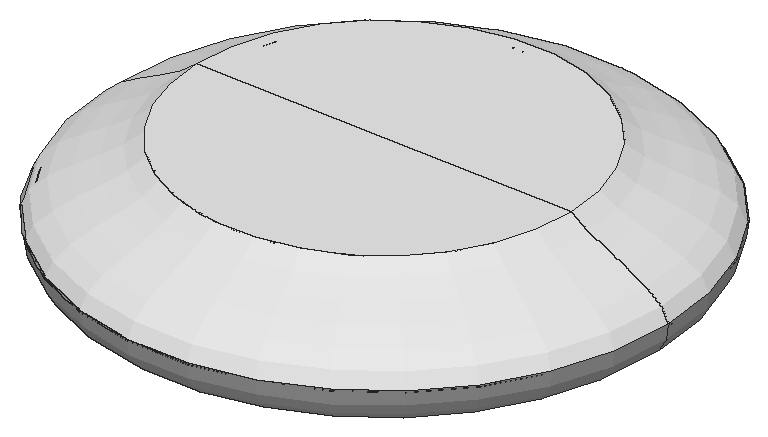
Revit family "FRISBEE-R250", category Осветительные приборы, Revit 2017
Family settings
  Размер круглого соединителя = Использовать диаметр
  Тип детали = Нормальный
  На основе рабочей плоскости = Нет
  Всегда вертикально = Да
  При загрузке вырезать с полостями = Нет
  Источник света = Да
  Общий = Нет
  Точка расчета площади = Нет
Parameters (values of type "030161 Светильник CL-FRISBEE-MOTION-R250-12W Warm3000 (WH, 180 deg, 230V)")
  built-in parameter 1150104 = 13.8 (stored number, unit not read)
  built-in parameter 1150134 = (empty or 0)
  Файл фотометрической сетки = "030161 CL-FRISBEE-MOTION-R250-12W Warm3000 (WH, 180 deg, 230V).ies"
  Tilt Angle = 90.00°
  built-in parameter 1150137 = (empty or 0)
  built-in parameter 1150132 = 2
  built-in parameter 1150114 = 1 (stored number, unit not read)
  Dimming Lamp Color Temperature Shift = (empty or 0)
  built-in parameter 1150105 = 95.493 (stored number, unit not read)
  Color Filter = 16777215
  Lumens = 1200 lm
  Разработчик (телефон) = "+7 (495) 781-05-35"  # constant formula
  Разработчик (e-mail) = "info@constructor.ru"  # constant formula
  Разработчик (URL) = "https://constructor.ru/"  # constant formula
  Разработчик = "НТЦ Конструктор"  # constant formula
  built-in parameter 1150109 = 1 (stored number, unit not read)
  built-in parameter 1150112 = 1 (stored number, unit not read)
  built-in parameter 1150110 = 1 (stored number, unit not read)
  built-in parameter 1150113 = 1 (stored number, unit not read)
  built-in parameter 1150115 = 1 (stored number, unit not read)
  built-in parameter 1114218 = 1 (stored number, unit not read)
  built-in parameter 1114217 = 1 (stored number, unit not read)
  Apparent Load = ADSK_Номинальная мощность / ADSK_Коэффициент мощности  # 12.766 VA
  built-in parameter 1150106 = 0.95493 (stored number, unit not read)
  Описание = "Накладной светильник 12 Вт с микроволновым датчиком движения, белый круглый корпус (IK10). Цвет БЕЛЫЙ ТЕПЛЫЙ 3000К, св.поток 1150-1200лм, CRI(Ra)>80, угол 180°. Размер Ф250x50 мм. Питание AC220-240V, 12 Вт, драйвер встроенный (72V, 160mA)"
  built-in parameter 1150133 = 10 (stored number, unit not read)
  Wattage = 8.07853 W
  built-in parameter 1150139 = (empty or 0)
  Контакты ООО "Арлайт РУС" для получения счёта = "roman@transistor.ru, T +7 495 926 56 50 (доб.1115), моб. +7 (925) 871-32-07"  # constant formula
  Комментарии к типоразмеру = "Арт. 030161"
  built-in parameter 1150138 = (empty or 0)
  built-in parameter 1150107 = 3000 (stored number, unit not read)
  built-in parameter 1150102 = (empty or 0)
  Emit from Circle Diameter = 250 mm
  Изготовитель (телефон) = "8 800 505 26 29"  # constant formula
  Изготовитель (сайт) = "www.arlight.ru"  # constant formula
  Изготовитель = "ARLIGHT"  # constant formula
  Группа модели = "Светильники"  # constant formula
  Видимая форма излучения при визуализации = no
  URL = "https://arlight.ru/catalog/product/svetilnik-cl-frisbee-motion-r250-12w-warm3000-wh-180-deg-230v-030161/"
  ARL_Цвет свечения = "Теплый 3000K"
  ARL_Цвет покрытия = "Белый"
  ARL_Угол обзора = "180°"
  ARL_Тип товара = "Светильник"
  ARL_Способ монтажа = "Накладной"
  ARL_Серия = "FRISBEE"
  ARL_Рабочая температура окружающей среды = "-20...+40 °C"
  ARL_Обозначение корпуса = "Корпус круглый, металл, цвет белый"
  ARL_Область использования = "Для установки в жилых, офисных, производственных, торговых помещениях, а также в помещениях общего пользования (ЖКХ)"
  ARL_Материал корпуса = Металл, белый
  ARL_Класс пылевлагозащиты = "IP54"
  ARL_Класс защиты от поражения электрическим током = "II"
  ARL_Индекс цветопередачи = ">80"
  ARL_Драйвер = "Встроенный (72V, 160mA)"
  ADSK_Ток = ADSK_Номинальная мощность / (ADSK_Коэффициент мощности * ADSK_Напряжение * sqrt(ADSK_Количество фаз числовое))  # 0.0555042 A
  ADSK_Размер_Диаметр = 250 mm
  ADSK_Размер_Высота = 50 mm
  ADSK_Примечание = ""
  ADSK_Полная мощность = ADSK_Номинальная мощность / ADSK_Коэффициент мощности  # 12.766 VA
  ADSK_Позиция = ""
  ADSK_Номинальная мощность = 12 W
  ADSK_Напряжение = 230 V
  ADSK_Наименование = "Светильник"
  ADSK_Масса_Текст = "0.958"
  ADSK_Марка = "CL-FRISBEE-MOTION-R250-12W Warm3000"
  ADSK_Коэффициент мощности = 0.94
  ADSK_Количество фаз числовое = 1
  ADSK_Количество фаз = 1
  ADSK_Код изделия = Комментарии к типоразмеру  # "Арт. 030161"
  ADSK_Классификация нагрузок = Освещение
  ADSK_Завод-изготовитель = Изготовитель  # "ARLIGHT"
  ADSK_Единица измерения = "шт."
Types (5, lengths in mm): name | built-in parameter 1150134 | Файл фотометрической сетки | Описание | Комментарии к типоразмеру | built-in parameter 1150107 | URL | ARL_Цвет свечения | ADSK_Масса_Текст | ADSK_Марка | ADSK_Код изделия
  030110 Светильник CL-FRISBEE-DIM-R250-12W Day4000-MIX (WH, 180 deg, 230V)_5000K | 2 | "030110 CL-FRISBEE-DIM-R250-12W Day4000-MIX (WH, 180 deg, 230V).ies" | "Накладной светильник 12 Вт с переключением цвета свечения и диммированием. Белый круглый корпус (IK10). Цвет 3000К/4000К/5000К, св.поток 1150-1200лм, CRI(Ra)>80, угол 180°. Размер Ф250x50 мм. Питание AC220-240V, 12 Вт, драйвер встроенный (72V, 160mA).Диммирование по TRIAC" | "Арт. 030110" | 5000 (stored number, unit not read) | "https://arlight.ru/catalog/product/svetilnik-cl-frisbee-dim-r250-12w-day4000-mix-wh-180-deg-230v-030110/" | "Дневной 5000K" | "0.825" | "CL-FRISBEE-DIM-R250-12W Day4000-MIX" | "Арт. 030110"
  030110 Светильник CL-FRISBEE-DIM-R250-12W Day4000-MIX (WH, 180 deg, 230V)_4000K | 12 | "030110 CL-FRISBEE-DIM-R250-12W Day4000-MIX (WH, 180 deg, 230V).ies" | "Накладной светильник 12 Вт с переключением цвета свечения и диммированием. Белый круглый корпус (IK10). Цвет 3000К/4000К/5000К, св.поток 1150-1200лм, CRI(Ra)>80, угол 180°. Размер Ф250x50 мм. Питание AC220-240V, 12 Вт, драйвер встроенный (72V, 160mA).Диммирование по TRIAC" | "Арт. 030110" | 4000 (stored number, unit not read) | "https://arlight.ru/catalog/product/svetilnik-cl-frisbee-dim-r250-12w-day4000-mix-wh-180-deg-230v-030110/" | "Дневной 4000K" | "0.825" | "CL-FRISBEE-DIM-R250-12W Day4000-MIX" | "Арт. 030110"
  030110 Светильник CL-FRISBEE-DIM-R250-12W Day4000-MIX (WH, 180 deg, 230V)_3000K | (empty or 0) | "030110 CL-FRISBEE-DIM-R250-12W Day4000-MIX (WH, 180 deg, 230V).ies" | "Накладной светильник 12 Вт с переключением цвета свечения и диммированием. Белый круглый корпус (IK10). Цвет 3000К/4000К/5000К, св.поток 1150-1200лм, CRI(Ra)>80, угол 180°. Размер Ф250x50 мм. Питание AC220-240V, 12 Вт, драйвер встроенный (72V, 160mA).Диммирование по TRIAC" | "Арт. 030110" | 3000 (stored number, unit not read) | "https://arlight.ru/catalog/product/svetilnik-cl-frisbee-dim-r250-12w-day4000-mix-wh-180-deg-230v-030110/" | "Теплый 3000K" | "0.825" | "CL-FRISBEE-DIM-R250-12W Day4000-MIX" | "Арт. 030110"
  030094 Светильник CL-FRISBEE-MOTION-R250-12W Day4000 (WH, 180 deg, 230V) | (empty or 0) | "030094 CL-FRISBEE-MOTION-R250-12W Day4000 (WH, 180 deg, 230V).ies" | "Накладной светильник 12 Вт с микроволновым датчиком движения, белый круглый корпус (IK10). Цвет БЕЛЫЙ ДНЕВНОЙ 4000К, св.поток 1150-1200лм, CRI(Ra)>80, угол 180°. Размер Ф250x50 мм. Питание AC220-240V, 12 Вт, драйвер встроенный (72V, 160mA)" | "Арт. 030094" | 3000 (stored number, unit not read) | "https://arlight.ru/catalog/product/svetilnik-cl-frisbee-motion-r250-12w-day4000-wh-180-deg-230v-030094/" | "Дневной 4000K" | "0.792" | "CL-FRISBEE-MOTION-R250-12W Day4000" | "Арт. 030094"
  030161 Светильник CL-FRISBEE-MOTION-R250-12W Warm3000 (WH, 180 deg, 230V) | (empty or 0) | "030161 CL-FRISBEE-MOTION-R250-12W Warm3000 (WH, 180 deg, 230V).ies" | "Накладной светильник 12 Вт с микроволновым датчиком движения, белый круглый корпус (IK10). Цвет БЕЛЫЙ ТЕПЛЫЙ 3000К, св.поток 1150-1200лм, CRI(Ra)>80, угол 180°. Размер Ф250x50 мм. Питание AC220-240V, 12 Вт, драйвер встроенный (72V, 160mA)" | "Арт. 030161" | 3000 (stored number, unit not read) | "https://arlight.ru/catalog/product/svetilnik-cl-frisbee-motion-r250-12w-warm3000-wh-180-deg-230v-030161/" | "Теплый 3000K" | "0.958" | "CL-FRISBEE-MOTION-R250-12W Warm3000" | "Арт. 030161"
Reference planes
  plane 1 "По центру (Вперед/Назад)": y = 0
  plane 2: z = 0
  plane 3 "По центру (Влево/Вправо)": x = 0
  plane 4: x = -125
  plane 5: x = 125
  plane 6: y = 125
  plane 7: y = -125
  plane 8: z = -50
Forms (mm)
  Revolve 1, solid, material "Металл, белый" <- "ARL_Материал корпуса", detail levels fine
    sketch origin (0, 0, 0) x (1, 0, 0) y (0, 0, 1)
      loop
        line (-125, -30) -> (-122.055, -30)
        spline (-122.055, -30) -> (-121.216, -27.602) -> (-119.599, -25.287) -> (-117.197, -23.014) -> (-114.094, -20.814) -> (-110.427, -18.693) -> (-106.352, -16.639) -> (-102.021, -14.615) -> (-97.575, -12.573) -> (-93.15, -10.46) -> (-88.882, -8.22) -> (-84.905, -5.766) -> (-81.351, -3)
        line (-81.351, -3) -> (0, -3) -> (0, 0) -> (-82.552, 0)
        spline (-82.552, 0) -> (-85.71, -2.692) -> (-89.442, -5.162) -> (-93.596, -7.466) -> (-98.02, -9.661) -> (-102.564, -11.802) -> (-107.076, -13.946) -> (-111.404, -16.148) -> (-115.398, -18.465) -> (-118.906, -20.953) -> (-121.776, -23.667) -> (-123.858, -26.664) -> (-125, -30)
      axis (0, -30) -> (0, 0)
    angle from 0 to 360
  Revolve 2, solid, material "Стекло, белое, высокой яркости", detail levels fine
    sketch origin (0, 0, 0.625) x (1, 0, 0) y (0, 0, 1)
      loop
        spline (-125, -30) -> (-123.018, -38.843) -> (-117.591, -44.598) -> (-109.494, -47.929) -> (-99.504, -49.498) -> (-88.398, -49.969) -> (-76.946, -50) -> (-65.519, -50) -> (-53.897, -50) -> (-41.807, -50) -> (-28.975, -50) -> (-15.13, -50) -> (0, -50)
        line (0, -50) -> (0, -30) -> (-125, -30)
      axis (0, -50) -> (0, -30)
    angle from 0 to 360
  Revolve 3, solid, material "Металл, белый" <- "ARL_Материал корпуса", detail levels medium
    sketch origin (0, 0, 0) x (1, 0, 0) y (0, 0, 1)
      loop
        spline (-125, -30) -> (-124.76, -32.732) -> (-124.039, -35.271) -> (-122.838, -37.615) -> (-121.157, -39.766) -> (-118.995, -41.723) -> (-116.353, -43.487) -> (-113.231, -45.057) -> (-109.628, -46.433) -> (-105.545, -47.615) -> (-100.981, -48.604) -> (-95.938, -49.399) -> (-90.413, -50)
        line (-90.413, -50) -> (0, -50) -> (0, 0) -> (-82.552, 0)
        spline (-82.552, 0) -> (-85.71, -2.692) -> (-89.442, -5.162) -> (-93.596, -7.466) -> (-98.02, -9.661) -> (-102.564, -11.802) -> (-107.076, -13.946) -> (-111.404, -16.148) -> (-115.398, -18.465) -> (-118.906, -20.953) -> (-121.776, -23.667) -> (-123.858, -26.664) -> (-125, -30)
      axis (0, -50) -> (0, 0)
    angle from 0 to 360
  Revolve 4, solid, material "Металл, белый" <- "ARL_Материал корпуса", detail levels coarse
    sketch origin (0, 0, 0) x (1, 0, 0) y (0, 0, 1)
      loop
        spline (-125, -30) -> (-124.76, -32.732) -> (-124.039, -35.271) -> (-122.838, -37.615) -> (-121.157, -39.766) -> (-118.995, -41.723) -> (-116.353, -43.487) -> (-113.231, -45.057) -> (-109.628, -46.433) -> (-105.545, -47.615) -> (-100.981, -48.604) -> (-95.938, -49.399) -> (-90.413, -50)
        line (-90.413, -50) -> (0, -50) -> (0, 0) -> (-82.552, 0)
        spline (-82.552, 0) -> (-85.71, -2.692) -> (-89.442, -5.162) -> (-93.596, -7.466) -> (-98.02, -9.661) -> (-102.564, -11.802) -> (-107.076, -13.946) -> (-111.404, -16.148) -> (-115.398, -18.465) -> (-118.906, -20.953) -> (-121.776, -23.667) -> (-123.858, -26.664) -> (-125, -30)
      axis (0, -50) -> (0, 0)
    angle from 0 to 360
Dimensions and locks
  "ADSK_Размер_Высота": plane 2 to plane 8
  equal spacing: plane 4, plane 3 "По центру (Влево/Вправо)", plane 5
  "ADSK_Размер_Диаметр": plane 4 to plane 5
  equal spacing: plane 6, plane 1 "По центру (Вперед/Назад)", plane 7
  "ADSK_Размер_Диаметр": plane 6 to plane 7
  aligned and locked: level to plane 2
Automatic sketch dimensions
  Revolve 1 sketch curve to plane 4 = 0 mm
  Revolve 1 sketch curve to level = 0 mm  (x2)
  Revolve 1 sketch curve to plane 3 "По центру (Влево/Вправо)" = 0 mm  (x2)
  plane 4 to Revolve 1 sketch curve = 2.945 mm
  plane 4 to Revolve 1 sketch curve = 42.448 mm
  Revolve 1 sketch curve to level = 3 mm
  Revolve 1 sketch curve to Revolve 1 sketch curve = 1.201 mm
  plane 8 to Revolve 1 sketch curve = 20 mm
  level to Revolve 1 sketch curve = 29.033 mm
  Revolve 2 sketch curve to plane 4 = 0 mm
  Revolve 2 sketch curve to plane 3 "По центру (Влево/Вправо)" = 0 mm  (x2)
  plane 8 to Revolve 2 sketch curve = 0.625 mm
  plane 8 to Revolve 2 sketch curve = 20.625 mm
  level to Revolve 2 sketch curve = 5.625 mm
  Revolve 2 sketch curve to Revolve 2 sketch curve = 17.714 mm
  Revolve 3 sketch curve to plane 4 = 0 mm
  Revolve 3 sketch curve to plane 8 = 0 mm
  Revolve 3 sketch curve to level = 0 mm  (x2)
  Revolve 3 sketch curve to plane 3 "По центру (Влево/Вправо)" = 0 mm  (x2)
  plane 4 to Revolve 3 sketch curve = 34.587 mm
  plane 4 to Revolve 3 sketch curve = 42.448 mm
  plane 8 to Revolve 3 sketch curve = 20 mm
  level to Revolve 3 sketch curve = 29.033 mm
  Revolve 4 sketch curve to plane 4 = 0 mm
  Revolve 4 sketch curve to plane 8 = 0 mm
  Revolve 4 sketch curve to level = 0 mm  (x2)
  Revolve 4 sketch curve to plane 3 "По центру (Влево/Вправо)" = 0 mm  (x2)
  plane 4 to Revolve 4 sketch curve = 34.587 mm
  plane 4 to Revolve 4 sketch curve = 42.448 mm
  plane 8 to Revolve 4 sketch curve = 20 mm
  level to Revolve 4 sketch curve = 29.033 mm
Nested families
  nested 1: "УГО" at (0, 0, 0), type "УГО", detail levels coarse
Connectors
  electrical at (0, 0, 0), driven by "ADSK_Количество фаз", driven by "ADSK_Напряжение", driven by "ADSK_Полная мощность", driven by "ADSK_Коэффициент мощности"
    settings: index 1, voltage 230 V, apparent load 12.766 VA, apparent load phase1 0 VA, apparent load phase2 0 VA, apparent load phase3 0 VA, power factor 0.94, load classification "Освещение", number of poles 1, system type 30, power factor state 1, is connector primary yes, connector utility no, sub classification motor no, connector description ""
Definition of nested family "УГО"
  Reference planes
    plane 1: y = 0
    plane 2: x = 0
  Lines and regions (mm)
    detail lines
      curve 1: circle (0, 0, 0) r 2.462 normal (0, 0, 1)
      curve 2: line (1, 2.25, 0) -> (1, -2.25, 0)
      curve 3: line (-1, 2.25, 0) -> (-1, -2.25, 0)
